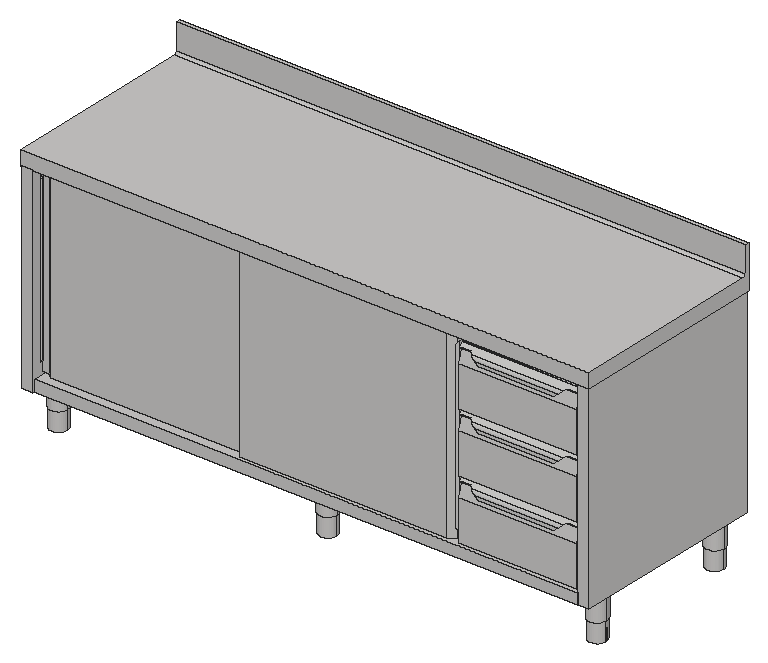
Revit family "QF_ZANUSSI_133171_NTA2010DXP", category Attrezzature speciali, Revit 2020
Family settings
  Quota connettore circolare = Usa diametro
  Tipo di parte = Normale
  Basato su piano di lavoro = No
  Sempre verticale = Sì
  Taglio con vuoti quando caricato = No
  Condiviso = No
  Punto di calcolo locali = No
Parameters (values of type "Standard")
  Weight = 80.00 kg
  Watts = 0 W
  Volts = 0 V
  URL Manufacturer = "http://www.zanussiprofessional.com"
  URL = "http://www.zanussiprofessional.com"
  Steam Supply Size = 0 mm
  Steam Supply Minimum Pressure = 0.0 Pa
  Steam Supply Maximum Pressure = 0.0 Pa
  Steam Consumption per Hour = 0
  Refrigeration Suction Line Size = 0.0 mm
  Refrigeration Liquid Line Size = 0.0 mm
  Refrigerant Compressor Remote = yes
  Prospetto di default = 0.0 mm
  Phase = 0
  Modello = "NTA2010DXP"
  Produttore = "Zanussi"
  Length Actual = 2000.0 mm  # constant formula
  Item Number = "133171"
  Hot Water Size = 0 mm
  Height Actual = 1000.0 mm  # constant formula
  HP = "0 HP"
  Gas Size = 0 mm
  Gas KW = 0
  Gas Input Pressure = 0 W
  Direct Waste Size = 0 mm
  Descrizione = "TABLE+SPLBACK3R/H DRAW 2SLID.DOORS2000MM"
  Depth Actual = 700.0 mm  # constant formula
  Cycle = 0 Hz
  Condensate Return Size = 0 mm
  Compressed Air Volume = 0.0 L/s
  Compressed Air Size = 0 mm
  Compressed Air Pressure = 0.0 Pa
  Cold Water Size = 0 mm
  Accessory = yes
Reference planes
  plane 1 "Center (Front/Back)": y = 0
  plane 2: z = 0
  plane 3 "Center Slide Doors": x = -209
  plane 4 "LEFT": x = -1000
  plane 5 "RIGHT": x = 1000
  plane 6 "BACK": y = 350
  plane 7 "FRONT": y = -350
  plane 8 "TOP": z = 900
  plane 9: x = -954
  plane 10: x = 954
  plane 11: y = 270
  plane 12: y = -247
  plane 13 "FEET": z = 150
  plane 14: x = -956.5
  plane 15: y = -344.5
  plane 16: x = 538.5
  plane 17: x = -233.5
  plane 18: x = -184.5
  plane 19 "BaseTop": z = 850
  plane 20: x = -994.5
  plane 21: y = 344.5
  plane 22: z = 1000
  plane 23: x = 536
  plane 24: x = 956.5
  plane 25 "FeetLeft": x = -947
  plane 26: x = 947
  plane 27 "Center (Left/Right)": x = 0
  plane 28: x = 994.5
Forms (mm)
  Extrusion 1, solid, material "QF_Finishes_Stainless Steel"
    sketch origin (0, 0, 150) x (-1, 0, 0) y (0, -1, 0)
      loop
        line (994.5, -350) -> (994.5, 350) -> (956.5, 350) -> (956.5, -350) -> (994.5, -350)
      loop
        line (-956.4, -350) -> (-956.4, 344.5) -> (-994.5, 344.5) -> (-994.5, -350) -> (-956.4, -350)
    from 0 to 700
  Extrusion 2, solid, material "QF_Finishes_Stainless Steel"
    sketch origin (0, 0, 150) x (-1, 0, 0) y (0, -1, 0)
      loop
        line (956.5, -347) -> (956.5, 344.5) -> (-956.5, 344.5) -> (-956.5, -347) -> (956.5, -347)
    from 0 to 40
  Extrusion 3, solid, material "QF_Finishes_Stainless Steel"
    sketch origin (33, 0, 150) x (-1, 0, 0) y (0, -1, 0)
      loop
        line (217.5, 324.5) -> (217.5, 304.5) -> (987, 304.5) -> (987, 319.071) -> (977.942, 328.129) -> (976.312, 326.5) -> (985, 317.812) -> (985, 309.5) -> (966.034, 309.5) -> (946.034, 324.5) -> (217.5, 324.5)
    from 700 to 50
  Extrusion 4, void
    sketch origin (0, -350, 0) x (-1, 0, 0) y (0, 0, 1)
      loop
        line (942.418, 247.973) -> (942.418, 191.4) -> (956.5, 191.4) -> (956.5, 229.369) -> (942.418, 247.973)
      loop
        line (942.418, 816.627) -> (956.5, 835.231) -> (956.5, 850) -> (942.418, 850) -> (942.418, 816.627)
    from 20.5 to 40.5
  Extrusion 5, solid, material "QF_Finishes_Stainless Steel"
    sketch origin (0, 0, 150) x (-1, 0, 0) y (0, -1, 0)
      loop
        line (-956.5, -350) -> (956.5, -350) -> (956.5, -327) -> (-956.5, -327) -> (-956.5, -350)
    from 700 to 40
  Extrusion 6, solid, material "QF_Finishes_Stainless Steel"
    sketch origin (-209, 0, 0) x (0, 1, 0) y (0, 0, 1)
      loop
        line (-350, 900) -> (-350, 850) -> (350, 850) -> (350, 1000) -> (337, 1000) -> (337, 910)
        arc (337, 910) -> (334.071, 902.929) -> (327, 900) r 10
        line (327, 900) -> (-350, 900)
    from 1209 to -791
  Extrusion 7, solid, material "QF_Finishes_Stainless Steel"
    sketch origin (-847, -20, 150) x (1, 0, 0) y (0, 1, 0)
      loop
        line (613.5, -324.5) -> (1344.034, -324.5) -> (1364.034, -309.5) -> (1381, -309.5) -> (1381, -317.812) -> (1374.312, -324.5) -> (1375.942, -326.129) -> (1383, -319.071) -> (1383, -304.5) -> (613.5, -304.5) -> (613.5, -324.5)
    from 700 to 50
  Extrusion 8, void
    sketch origin (-814, -350, 0) x (1, 0, 0) y (0, 0, -1)
      loop
        line (1340.418, -247.973) -> (1352.5, -229.369) -> (1352.5, -191.4) -> (1340.418, -191.4) -> (1340.418, -247.973)
      loop
        line (1340.418, -816.627) -> (1340.418, -850) -> (1352.5, -850) -> (1352.5, -835.231) -> (1340.418, -816.627)
    from 2.49 to 20.5
  Extrusion 9, solid, material "QF_Finishes_Stainless Steel"
    sketch origin (0, 0, 850) x (-1, 0, 0) y (0, -1, 0)
      loop
        line (-956.5, 304.5) -> (-956.5, 299.5) -> (-954, 299.5) -> (-954, 304.5) -> (-956.5, 304.5)
    from 0 to -2
Cuts and joins
  Extrusion 4, Extrusion 8 cuts Extrusion 3
  Extrusion 8 cuts Extrusion 1
  Extrusion 8 cuts Extrusion 6
  Extrusion 8 cuts Extrusion 7
Lines and regions (mm)
  symbolic lines, style "SpecialityEquipment"
    curve 1: line (-1000, 350, 850) -> (1000, 350, 850)
    curve 2: line (-1000, -350, 850) -> (-1000, 350, 850)
    curve 3: line (1000, -350, 850) -> (-1000, -350, 850)
    curve 4: line (1000, 350, 850) -> (1000, -350, 850)
    curve 17: line (-1000, 337, 850) -> (1000, 337, 850)
  symbolic lines, style "SpecialityEquipmentHiddenLines"
    curve 5: line (-233.5, -324.5, 200) -> (-233.5, -344.5, 200)
    curve 6: line (-954, -304.5, 850) -> (-184.5, -304.5, 850)
    curve 7: line (-184.5, -304.5, 850) -> (-184.5, -324.5, 850)
    curve 8: line (-184.5, -324.5, 850) -> (-913.034, -324.5, 850)
    curve 9: line (-913.034, -324.5, 850) -> (-933.034, -309.5, 850)
    curve 10: line (-933.034, -309.5, 850) -> (-954, -309.5, 850)
    curve 11: line (-954, -309.5, 850) -> (-954, -304.5, 850)
    curve 12: line (-233.5, -344.5, 850) -> (497.034, -344.5, 850)
    curve 13: line (497.034, -344.5, 850) -> (517.034, -329.5, 850)
    curve 14: line (517.034, -329.5, 850) -> (536, -329.5, 850)
    curve 15: line (536, -329.5, 850) -> (536, -324.5, 850)
    curve 16: line (536, -324.5, 850) -> (-184.5, -324.5, 850)
Dimensions and locks
  plane 6 "BACK" to plane 7 "FRONT" = 700.0 mm
  equal spacing: plane 6 "BACK", plane 1 "Center (Front/Back)", plane 7 "FRONT"
  locked: plane 13 "FEET" to level at 150
  locked: plane 6 "BACK" to plane 11 at 80
  locked: plane 12 to plane 7 "FRONT" at 103
  plane 17 to plane 18 = 49.0 mm
  equal spacing: plane 17, plane 3 "Center Slide Doors", plane 18
  locked: plane 4 "LEFT" to plane 20 at 5.5
  locked: plane 20 to plane 14 at 38
  plane 15 to plane 7 "FRONT" = 5.5 mm  (x2)
  plane 6 "BACK" to plane 21 = 5.5 mm
  locked: plane 23 to plane 16 at 2.5
  equal spacing: plane 9, plane 3 "Center Slide Doors", plane 23
  locked: plane 9 to plane 23 at 1490
  locked: plane 4 "LEFT" to plane 5 "RIGHT" at 2000
  locked: plane 25 "FeetLeft" to plane 20 at 47.5
  plane 8 "TOP" to level = 900.0 mm
  locked: plane 22 to level at 1000
  plane 22 to plane 8 "TOP" = 100.0 mm
  locked: plane 28 to plane 5 "RIGHT" at 5.5
  locked: plane 24 to plane 28 at 38
  locked: plane 10 to plane 24 at 2.5
  locked: plane 28 to plane 26 at 47.5
  equal spacing: plane 4 "LEFT", plane 27 "Center (Left/Right)", plane 5 "RIGHT"
  locked: plane 14 to plane 9 at 2.5
  aligned and locked: level to plane 2
  aligned and locked: nested 4 to plane 11
  aligned and locked: nested 3 to plane 11
  aligned and locked: plane 6 "BACK" to Extrusion 1 sketch curve
  aligned and locked: Extrusion 1 sketch curve to plane 6 "BACK"
  aligned and locked: Extrusion 1 sketch curve to plane 7 "FRONT"
  aligned and locked: plane 14 to Extrusion 1
  aligned and locked: Extrusion 2 to plane 14
  aligned and locked: Extrusion 2 to plane 15
  aligned and locked: nested 1 to plane 12
  aligned and locked: nested 2 to plane 12
  aligned and locked: plane 18 to Extrusion 3
  aligned and locked: nested 4 to nested 2
  aligned and locked: Extrusion 5 to plane 14
  aligned and locked: plane 19 "BaseTop" to Extrusion 3
  aligned and locked: plane 19 "BaseTop" to Extrusion 5
  aligned and locked: Extrusion 6 to plane 4 "LEFT"
  aligned and locked: plane 5 "RIGHT" to Extrusion 6
  aligned and locked: plane 24 to Extrusion 2 sketch curve
  aligned and locked: plane 25 "FeetLeft" to nested 1
  aligned and locked: nested 3 to nested 1
  aligned and locked: plane 26 to nested 2
  aligned and locked: nested 5 to plane 27 "Center (Left/Right)"
  aligned and locked: nested 6 to nested 5
  aligned and locked: Extrusion 5 to plane 24
  aligned and locked: plane 28 to cut or joined group of Extrusion 1, Extrusion 8
Automatic sketch dimensions
  Extrusion 1 sketch curve to plane 15 = 0.0 mm
  Extrusion 1 sketch curve to plane 14 = 0.0 mm
  Extrusion 1 sketch curve to plane 20 = 0.0 mm
  plane 24 to Extrusion 1 sketch curve = 0.1 mm
  Extrusion 2 sketch curve to plane 14 = 0.0 mm
  Extrusion 2 sketch curve to plane 15 = 0.0 mm
  plane 21 to Extrusion 2 sketch curve = 2.5 mm
  Extrusion 3 sketch curve to plane 18 = 0.0 mm
  Extrusion 3 sketch curve to plane 9 = 0.0 mm
  plane 25 "FeetLeft" to Extrusion 3 sketch curve = 33.966 mm
  plane 25 "FeetLeft" to Extrusion 3 sketch curve = 13.966 mm
  plane 25 "FeetLeft" to Extrusion 3 sketch curve = 3.688 mm
  plane 25 "FeetLeft" to Extrusion 3 sketch curve = 2.058 mm
  plane 9 to Extrusion 3 sketch curve = 2.0 mm
  plane 15 to Extrusion 3 sketch curve = 40.0 mm
  Extrusion 3 sketch curve to Extrusion 3 sketch curve = 5.0 mm
  Extrusion 3 sketch curve to Extrusion 3 sketch curve = 8.312 mm
  Extrusion 3 sketch curve to Extrusion 3 sketch curve = 1.259 mm
  plane 15 to Extrusion 3 sketch curve = 20.0 mm
  Extrusion 4 sketch curve to plane 19 "BaseTop" = 0.0 mm
  Extrusion 4 sketch curve to plane 14 = 0.0 mm  (x2)
  plane 25 "FeetLeft" to Extrusion 4 sketch curve = 4.582 mm  (x2)
  Extrusion 4 sketch curve to Extrusion 4 sketch curve = 14.769 mm
  Extrusion 4 sketch curve to Extrusion 4 sketch curve = 18.604 mm  (x2)
  plane 13 "FEET" to Extrusion 4 sketch curve = 97.973 mm
  Extrusion 4 sketch curve to Extrusion 4 sketch curve = 37.969 mm
  curve 5 to plane 15 = 0.0 mm
  curve 5 to plane 17 = 0.0 mm
  plane 15 to curve 5 = 20.0 mm
  Extrusion 5 sketch curve to plane 6 "BACK" = 0.0 mm
  Extrusion 5 sketch curve to plane 24 = 0.0 mm
  Extrusion 5 sketch curve to plane 14 = 0.0 mm
  plane 21 to Extrusion 5 sketch curve = 17.5 mm
  curve 17 to plane 5 "RIGHT" = 0.0 mm
  curve 16 to plane 23 = 0.0 mm
  curve 13 to plane 15 = 0.0 mm
  curve 7 to plane 18 = 0.0 mm
  curve 12 to plane 17 = 0.0 mm
  curve 11 to plane 9 = 0.0 mm
  curve 3 to plane 4 "LEFT" = 0.0 mm
  curve 1 to plane 6 "BACK" = 0.0 mm
  curve 3 to plane 7 "FRONT" = 0.0 mm
  curve 14 to curve 14 = 18.966 mm
  curve 13 to curve 13 = 20.0 mm
  plane 25 "FeetLeft" to curve 9 = 33.966 mm
  plane 25 "FeetLeft" to curve 9 = 13.966 mm
  plane 15 to curve 7 = 40.0 mm
  curve 6 to curve 10 = 5.0 mm
  plane 15 to curve 8 = 20.0 mm
  curve 15 to curve 15 = 5.0 mm
  curve 17 to plane 21 = 7.5 mm
  Extrusion 6 sketch curve to plane 7 "FRONT" = 0.0 mm
  Extrusion 6 sketch curve to plane 8 "TOP" = 0.0 mm
  Extrusion 6 sketch curve to plane 22 = 0.0 mm
  Extrusion 6 sketch curve to plane 6 "BACK" = 0.0 mm
  Extrusion 6 sketch curve to plane 19 "BaseTop" = 0.0 mm
  Extrusion 6 sketch curve to plane 21 = 17.5 mm
  Extrusion 6 sketch curve to plane 21 = 7.5 mm
  Extrusion 7 sketch curve to plane 17 = 0.0 mm
  Extrusion 7 sketch curve to plane 15 = 0.0 mm  (x2)
  Extrusion 7 sketch curve to plane 23 = 0.0 mm
  plane 23 to Extrusion 7 sketch curve = 38.966 mm
  plane 23 to Extrusion 7 sketch curve = 18.966 mm
  plane 23 to Extrusion 7 sketch curve = 8.688 mm
  plane 15 to Extrusion 7 sketch curve = 1.629 mm
  Extrusion 7 sketch curve to Extrusion 7 sketch curve = 1.629 mm
  plane 23 to Extrusion 7 sketch curve = 2.0 mm
  Extrusion 7 sketch curve to plane 15 = 15.0 mm
  Extrusion 7 sketch curve to Extrusion 7 sketch curve = 5.0 mm
  Extrusion 8 sketch curve to plane 19 "BaseTop" = 0.0 mm
  Extrusion 8 sketch curve to plane 16 = 0.0 mm  (x2)
  plane 23 to Extrusion 8 sketch curve = 9.582 mm  (x2)
  Extrusion 8 sketch curve to Extrusion 8 sketch curve = 14.769 mm
  Extrusion 8 sketch curve to Extrusion 8 sketch curve = 18.604 mm  (x2)
  Extrusion 8 sketch curve to plane 13 "FEET" = 97.973 mm
  Extrusion 8 sketch curve to Extrusion 8 sketch curve = 37.969 mm
  Extrusion 9 sketch curve to plane 24 = 0.0 mm
  Extrusion 9 sketch curve to plane 10 = 0.0 mm
  plane 15 to Extrusion 9 sketch curve = 45.0 mm
  Extrusion 9 sketch curve to Extrusion 9 sketch curve = 5.0 mm
  Extrusion 1 sketch curve to plane 5 "RIGHT" = 5.5 mm
Nested families
  nested 1: "FEET_D60-150" at (-947, -247, 0), type "FEET_D60-150"
  nested 2: "FEET_D60-150" at (947, -247, 0), type "FEET_D60-150"
  nested 3: "FEET_D60-150" at (-947, 270, 0), type "FEET_D60-150"
  nested 4: "FEET_D60-150" at (947, 270, 0), type "FEET_D60-150"
  nested 5: "FEET_D60-150" at (0, -247, 0), type "FEET_D60-150"
  nested 6: "FEET_D60-150" at (0, 270, 0), type "FEET_D60-150"
  nested 7: "H637_600_3DRAWERS" at (710.458, -304.5, 152) x (1, 0, 0) z (0, -1, 0), type "H637_600_3DRAWERS"
    with Show Clearance yes
Definition of nested family "FEET_D60-150"
  Parameters
    Default Elevation = 0.0 mm
    FEET = 150.0 mm
  Reference planes
    plane 1 "Center (Front/Back)": y = 0
    plane 2: z = 0
    plane 3 "Center (Left/Right)": x = 0
    plane 4: z = 150
  Forms (mm)
    Extrusion 1, solid
      sketch origin (0, 0, 0) x (1, 0, 0) y (0, 1, 0)
        loop
          circle (0, 0) r 28
      from 0 to 67
    Revolve 2, solid
      sketch origin (0, 0, 0) x (1, 0, 0) y (0, 0, 1)
        loop
          line (0, 0) -> (0, 150) -> (-32.939, 150) -> (-32.939, 67) -> (-30, 67) -> (-30, 0) -> (0, 0)
        axis (0, 150) -> (0, 0)
      angle from 0 to 360
  Lines and regions (mm)
    symbolic lines
      curve 1: line (0, -1.503, 0) -> (0, 1.508, 0)
      curve 2: line (1.561, 0, 0) -> (-1.439, 0, 0)
  Dimensions and locks
    "FEET": plane 4 to plane 2
    aligned and locked: level to plane 2
  Automatic sketch dimensions
    plane 1 "Center (Front/Back)" to Extrusion 1 sketch curve = 0.0 mm
    Extrusion 1 sketch curve to plane 3 "Center (Left/Right)" = 0.0 mm
    plane 1 "Center (Front/Back)" to curve 2 = 0.0 mm
    curve 1 to plane 3 "Center (Left/Right)" = 0.0 mm
    curve 2 to plane 3 "Center (Left/Right)" = 1.439 mm
    plane 3 "Center (Left/Right)" to curve 2 = 1.561 mm
    plane 1 "Center (Front/Back)" to curve 1 = 1.503 mm
    curve 1 to plane 1 "Center (Front/Back)" = 1.508 mm
    Revolve 2 sketch curve to plane 4 = 0.0 mm
    Revolve 2 sketch curve to level = 0.0 mm
    Revolve 2 sketch curve to plane 3 "Center (Left/Right)" = 0.0 mm  (x2)
    Revolve 2 sketch curve to plane 3 "Center (Left/Right)" = 30.0 mm
    Revolve 2 sketch curve to plane 3 "Center (Left/Right)" = 32.939 mm
    level to Revolve 2 sketch curve = 67.0 mm
    Revolve 2 sketch curve to level = 42.207 mm
    Revolve 2 sketch curve to Revolve 2 sketch curve = 10.0 mm
    radius of Extrusion 1 sketch curve = 28.0 mm
Definition of nested family "H637_600_3DRAWERS"
  Parameters
    Width = 419.0 mm
    Show Clearance [instance] = yes
    Model = "727995"
    Height = 700.0 mm
    Default Elevation = 0.0 mm
  Reference planes
    plane 1 "Center (Front/Back)": y = 0
    plane 2: z = 0
    plane 3 "Center (Left/Right)": x = 36.042
    plane 4 "panel": z = 25
    plane 5 "Left": x = -173.458
    plane 6 "Right": x = 245.542
    plane 7: y = 700
    plane 8: z = 45
    plane 9: x = 243.542
    plane 10: x = -171.458
    plane 11: y = 676
    plane 12: y = 38
    plane 13: z = 499.734
    plane 14: y = 470
    plane 15: y = 465
    plane 16: y = 259
    plane 17: y = 254
    plane 18: y = 48
  Forms (mm)
    Extrusion 1, solid
      sketch origin (0, -919.2, 0) x (1, 0, 0) y (0, 1, 0)
        loop
          line (-980.5, 2119.2) -> (-980.5, -162.846) -> (881.94, -162.846) -> (881.94, 2119.2) -> (-980.5, 2119.2)
      from 0 to -59.546
    Extrusion 2, solid
      sketch origin (36.042, -645.693, 0) x (0, 1, 0) y (0, 0, 1)
        loop
          line (856.63, 49.734) -> (856.63, 47.734) -> (866.98, 47.734)
          arc (866.98, 47.734) -> (873.586, 46.42) -> (879.186, 42.679) r 17.261
          line (879.186, 42.679) -> (896.019, 25.845) -> (899.693, 25) -> (880.6, 44.093)
          arc (880.6, 44.093) -> (874.351, 48.268) -> (866.98, 49.734) r 19.261
          line (866.98, 49.734) -> (856.63, 49.734)
      from -207.5 to 207.5
    Extrusion 3, solid, detail levels coarse
      sketch origin (0, 0, 0) x (1, 0, 0) y (0, 0, 1)
        loop
          line (-171.458, 40) -> (243.542, 40) -> (243.542, 499.734) -> (-171.458, 499.734) -> (-171.458, 40)
      from -48 to -254
    Extrusion 4, solid
      sketch origin (36.042, -616, 0) x (0, 1, 0) y (0, 0, 1)
        loop
          line (664.4, 40) -> (664.4, 0) -> (870, 0) -> (870, 25) -> (804.797, 40) -> (664.4, 40)
      from 207.5 to -207.5
    Extrusion 5, void
      sketch origin (0, 0, 0) x (1, 0, 0) y (0, 1, 0)
        loop
          line (-99.744, 213.799) -> (-133.705, 243.322) -> (-166.458, 243.322)
          arc (-166.458, 243.322) -> (-169.994, 244.786) -> (-171.458, 248.322) r 5
          line (-171.458, 248.322) -> (-171.458, 210.937) -> (-91.403, 210.937)
          arc (-91.403, 210.937) -> (-95.762, 211.819) -> (-99.744, 213.799) r 17.035
      from 36.678 to 53.74
    Extrusion 6, void
      sketch origin (72.084, 0, 0) x (-1, 0, 0) y (0, -1, 0)
        loop
          arc (-99.744, -213.799) -> (-95.762, -211.819) -> (-91.403, -210.937) r 17.035
          line (-91.403, -210.937) -> (-171.458, -210.937) -> (-171.458, -248.322)
          arc (-171.458, -248.322) -> (-169.994, -244.786) -> (-166.458, -243.322) r 5
          line (-166.458, -243.322) -> (-133.705, -243.322) -> (-99.744, -213.799)
      from 36.678 to 53.74
    Extrusion 7, solid
      sketch origin (36.042, -434.693, 0) x (0, 1, 0) y (0, 0, 1)
        loop
          line (856.63, 49.734) -> (856.63, 47.734) -> (866.98, 47.734)
          arc (866.98, 47.734) -> (873.586, 46.42) -> (879.186, 42.679) r 17.261
          line (879.186, 42.679) -> (896.019, 25.845) -> (899.693, 25) -> (880.6, 44.093)
          arc (880.6, 44.093) -> (874.351, 48.268) -> (866.98, 49.734) r 19.261
          line (866.98, 49.734) -> (856.63, 49.734)
      from -207.5 to 207.5
    Extrusion 8, solid
      sketch origin (36.042, -405, 0) x (0, 1, 0) y (0, 0, 1)
        loop
          line (664, 40) -> (664, 0) -> (870, 0) -> (870, 25) -> (804.797, 40) -> (664, 40)
      from 207.5 to -207.5
    Extrusion 9, void
      sketch origin (0, 211, 0) x (1, 0, 0) y (0, 1, 0)
        loop
          line (-99.744, 213.799) -> (-133.705, 243.322) -> (-166.458, 243.322)
          arc (-166.458, 243.322) -> (-169.994, 244.786) -> (-171.458, 248.322) r 5
          line (-171.458, 248.322) -> (-171.458, 210.937) -> (-91.403, 210.937)
          arc (-91.403, 210.937) -> (-95.762, 211.819) -> (-99.744, 213.799) r 17.035
      from 36.678 to 53.74
    Extrusion 10, void
      sketch origin (72.084, 211, 0) x (-1, 0, 0) y (0, -1, 0)
        loop
          arc (-99.744, -213.799) -> (-95.762, -211.819) -> (-91.403, -210.937) r 17.035
          line (-91.403, -210.937) -> (-171.458, -210.937) -> (-171.458, -248.322)
          arc (-171.458, -248.322) -> (-169.994, -244.786) -> (-166.458, -243.322) r 5
          line (-166.458, -243.322) -> (-133.705, -243.322) -> (-99.744, -213.799)
      from 36.678 to 53.74
    Extrusion 11, solid
      sketch origin (36.042, -223.693, 0) x (0, 1, 0) y (0, 0, 1)
        loop
          line (856.63, 49.734) -> (856.63, 47.734) -> (866.98, 47.734)
          arc (866.98, 47.734) -> (873.586, 46.42) -> (879.186, 42.679) r 17.261
          line (879.186, 42.679) -> (896.019, 25.845) -> (899.693, 25) -> (880.6, 44.093)
          arc (880.6, 44.093) -> (874.351, 48.268) -> (866.98, 49.734) r 19.261
          line (866.98, 49.734) -> (856.63, 49.734)
      from -207.5 to 207.5
    Extrusion 12, solid
      sketch origin (36.042, -194, 0) x (0, 1, 0) y (0, 0, 1)
        loop
          line (664, 40) -> (664, 0) -> (870, 0) -> (870, 25) -> (804.797, 40) -> (664, 40)
      from 207.5 to -207.5
    Extrusion 13, void
      sketch origin (0, 422, 0) x (1, 0, 0) y (0, 1, 0)
        loop
          line (-99.744, 213.799) -> (-133.705, 243.322) -> (-166.458, 243.322)
          arc (-166.458, 243.322) -> (-169.994, 244.786) -> (-171.458, 248.322) r 5
          line (-171.458, 248.322) -> (-171.458, 210.937) -> (-91.403, 210.937)
          arc (-91.403, 210.937) -> (-95.762, 211.819) -> (-99.744, 213.799) r 17.035
      from 36.678 to 53.74
    Extrusion 14, void
      sketch origin (72.084, 422, 0) x (-1, 0, 0) y (0, -1, 0)
        loop
          arc (-99.744, -213.799) -> (-95.762, -211.819) -> (-91.403, -210.937) r 17.035
          line (-91.403, -210.937) -> (-171.458, -210.937) -> (-171.458, -248.322)
          arc (-171.458, -248.322) -> (-169.994, -244.786) -> (-166.458, -243.322) r 5
          line (-166.458, -243.322) -> (-133.705, -243.322) -> (-99.744, -213.799)
      from 36.678 to 53.74
    Extrusion 15, solid, detail levels coarse
      sketch origin (0, 0, 0) x (1, 0, 0) y (0, 0, 1)
        loop
          line (-171.458, 40) -> (243.542, 40) -> (243.542, 499.734) -> (-171.458, 499.734) -> (-171.458, 40)
      from -259 to -465
    Extrusion 16, solid, detail levels coarse
      sketch origin (0, 0, 0) x (1, 0, 0) y (0, 0, 1)
        loop
          line (-171.458, 40) -> (243.542, 40) -> (243.542, 499.734) -> (-171.458, 499.734) -> (-171.458, 40)
      from -470 to -676
  Cuts and joins
    Extrusion 5, Extrusion 6, Extrusion 9, Extrusion 10 cuts Extrusion 2
    Extrusion 5 cuts Extrusion 4
    Extrusion 9, Extrusion 10, Extrusion 13, Extrusion 14 cuts Extrusion 7
    Extrusion 13, Extrusion 14 cuts Extrusion 11
  Lines and regions (mm)
    symbolic lines
      curve 1: line (243.542, 0, 179.734) -> (243.542, 0, 199.734)
      curve 2: line (212.235, 0, 49.734) -> (-171.458, 0, 49.734)
      curve 3: spline (231.959, 0, 44.389) -> (230.421, 0, 45.265) -> (228.856, 0, 46.066) -> (227.265, 0, 46.791) -> (225.651, 0, 47.437) -> (224.017, 0, 48.005) -> (222.365, 0, 48.493) -> (220.698, 0, 48.9) -> (219.019, 0, 49.226) -> (217.331, 0, 49.471) -> (215.636, 0, 49.633) -> (213.936, 0, 49.712) -> (212.236, 0, 49.71)
      curve 4: line (238.456, 0, 40) -> (231.959, 0, 44.389)
      curve 5: line (243.542, 0, 500) -> (-171.458, 0, 500)
      curve 6: line (243.542, 0, 349.734) -> (-171.458, 0, 349.734)
      curve 7: line (243.542, 0, 199.734) -> (-171.458, 0, 199.734)
      curve 8: line (243.542, 0, 480) -> (-171.458, 0, 480)
      curve 9: line (243.542, 0, 329.734) -> (-171.458, 0, 329.734)
      curve 10: line (243.542, 0, 179.734) -> (-171.458, 0, 179.734)
      curve 11: line (-156.458, 0, 49.734) -> (-156.458, 0, 179.734)
      curve 12: line (-156.458, 0, 349.734) -> (-156.458, 0, 480)
      curve 13: line (-156.458, 0, 199.734) -> (-156.458, 0, 329.734)
      curve 14: line (228.542, 0, 49.734) -> (228.542, 0, 179.734)
      curve 15: line (228.542, 0, 349.734) -> (228.542, 0, 480)
      curve 16: line (228.542, 0, 199.734) -> (228.542, 0, 329.734)
      curve 17: line (243.542, 0, 480) -> (243.542, 0, 500)
      curve 18: line (243.542, 0, 329.734) -> (243.542, 0, 349.734)
      curve 19: line (-171.458, 0, 179.734) -> (-171.458, 0, 199.734)
      curve 20: line (-171.458, 0, 480) -> (-171.458, 0, 500)
      curve 21: line (-171.458, 0, 329.734) -> (-171.458, 0, 349.734)
  Dimensions and locks
    plane 4 "panel" to level = 25.0 mm
    "Width": plane 5 "Left" to plane 6 "Right"
    equal spacing: plane 5 "Left", plane 3 "Center (Left/Right)", plane 6 "Right"
    "Height": plane 1 "Center (Front/Back)" to plane 7
    plane 9 to plane 6 "Right" = 2.0 mm
    plane 5 "Left" to plane 10 = 2.0 mm
    plane 7 to plane 11 = 24.0 mm
    plane 1 "Center (Front/Back)" to plane 12 = 38.0 mm
    plane 10 to plane 9 = 415.0 mm
    plane 11 to plane 14 = 206.0 mm
    locked: plane 14 to plane 15 at 5
    plane 15 to plane 16 = 206.0 mm
    locked: plane 16 to plane 17 at 5
    plane 17 to plane 18 = 206.0 mm  (x2)
    plane 16 to plane 17 = 5.0 mm
    plane 14 to plane 15 = 5.0 mm
    plane 16 to plane 15 = 206.0 mm
    plane 14 to plane 11 = 206.0 mm
    aligned and locked: plane 2 to Extrusion 1
    aligned and locked: level to Extrusion 1
    aligned and locked: plane 9 to Extrusion 4
    aligned and locked: plane 10 to Extrusion 4
  Automatic sketch dimensions
    Extrusion 1 sketch curve to Extrusion 1 sketch curve = 1862.44 mm
    Extrusion 1 sketch curve to Extrusion 1 sketch curve = 2282.046 mm
    Extrusion 2 sketch curve to Extrusion 2 sketch curve = 0.0 mm  (x2)
    Extrusion 2 sketch curve to plane 4 "panel" = 0.0 mm
    Extrusion 2 sketch curve to plane 17 = 0.0 mm
    plane 4 "panel" to Extrusion 2 sketch curve = 0.845 mm
    Extrusion 2 sketch curve to plane 17 = 3.674 mm
    Extrusion 2 sketch curve to plane 8 = 0.907 mm
    Extrusion 2 sketch curve to plane 17 = 19.093 mm
    Extrusion 2 sketch curve to plane 8 = 2.321 mm
    Extrusion 2 sketch curve to Extrusion 2 sketch curve = 1.414 mm
    plane 4 "panel" to Extrusion 2 sketch curve = 5.474 mm
    Extrusion 2 sketch curve to Extrusion 2 sketch curve = 12.205 mm
    Extrusion 2 sketch curve to Extrusion 2 sketch curve = 10.351 mm
    Extrusion 4 sketch curve to level = 0.0 mm
    Extrusion 4 sketch curve to plane 4 "panel" = 0.0 mm
    Extrusion 4 sketch curve to plane 17 = 0.0 mm
    Extrusion 4 sketch curve to plane 8 = 5.0 mm
    Extrusion 4 sketch curve to plane 17 = 65.203 mm
    plane 18 to Extrusion 4 sketch curve = 0.4 mm
    Extrusion 7 sketch curve to Extrusion 7 sketch curve = 0.0 mm  (x2)
    Extrusion 7 sketch curve to plane 4 "panel" = 0.0 mm
    Extrusion 7 sketch curve to plane 15 = 0.0 mm
    plane 4 "panel" to Extrusion 7 sketch curve = 0.845 mm
    Extrusion 7 sketch curve to plane 15 = 3.674 mm
    Extrusion 7 sketch curve to plane 8 = 0.907 mm
    Extrusion 7 sketch curve to plane 15 = 19.093 mm
    Extrusion 7 sketch curve to plane 8 = 2.321 mm
    Extrusion 7 sketch curve to Extrusion 7 sketch curve = 1.414 mm
    plane 4 "panel" to Extrusion 7 sketch curve = 5.474 mm
    Extrusion 7 sketch curve to Extrusion 7 sketch curve = 12.205 mm
    Extrusion 7 sketch curve to Extrusion 7 sketch curve = 10.351 mm
    Extrusion 8 sketch curve to plane 16 = 0.0 mm
    Extrusion 8 sketch curve to plane 4 "panel" = 0.0 mm
    Extrusion 8 sketch curve to plane 15 = 0.0 mm
    Extrusion 8 sketch curve to level = 0.0 mm
    Extrusion 8 sketch curve to plane 8 = 5.0 mm
    Extrusion 8 sketch curve to plane 15 = 65.203 mm
    Extrusion 11 sketch curve to Extrusion 11 sketch curve = 0.0 mm  (x2)
    Extrusion 11 sketch curve to plane 4 "panel" = 0.0 mm
    Extrusion 11 sketch curve to plane 11 = 0.0 mm
    plane 4 "panel" to Extrusion 11 sketch curve = 0.845 mm
    Extrusion 11 sketch curve to plane 11 = 3.674 mm
    Extrusion 11 sketch curve to plane 8 = 0.907 mm
    Extrusion 11 sketch curve to plane 11 = 19.093 mm
    Extrusion 11 sketch curve to plane 8 = 2.321 mm
    Extrusion 11 sketch curve to Extrusion 11 sketch curve = 1.414 mm
    plane 4 "panel" to Extrusion 11 sketch curve = 5.474 mm
    Extrusion 11 sketch curve to Extrusion 11 sketch curve = 12.205 mm
    Extrusion 11 sketch curve to Extrusion 11 sketch curve = 10.351 mm
    Extrusion 12 sketch curve to plane 14 = 0.0 mm
    Extrusion 12 sketch curve to plane 4 "panel" = 0.0 mm
    Extrusion 12 sketch curve to plane 11 = 0.0 mm
    Extrusion 12 sketch curve to level = 0.0 mm
    Extrusion 12 sketch curve to plane 8 = 5.0 mm
    Extrusion 12 sketch curve to plane 11 = 65.203 mm
    plane 10 to curve 21 = 0.0 mm
    plane 10 to curve 20 = 0.0 mm
    plane 10 to curve 2 = 0.0 mm
    plane 10 to curve 19 = 0.0 mm
    curve 6 to plane 9 = 0.0 mm
    curve 7 to plane 9 = 0.0 mm
    curve 17 to plane 9 = 0.0 mm
    curve 4 to plane 8 = 0.611 mm
    curve 4 to plane 9 = 11.583 mm
    plane 8 to curve 19 = 134.734 mm
    curve 19 to curve 19 = 20.0 mm
    curve 1 to curve 18 = 130.0 mm
    curve 9 to curve 18 = 20.0 mm
    plane 13 to curve 17 = 19.734 mm
    curve 20 to plane 13 = 0.266 mm
    plane 8 to curve 11 = 4.734 mm
    curve 11 to plane 10 = 15.0 mm
    curve 21 to curve 12 = 15.0 mm
    curve 19 to curve 13 = 15.0 mm
    curve 2 to curve 3 = 19.723 mm
    curve 2 to curve 3 = 0.0 mm
    curve 3 to level = 1.281 mm
    curve 3 to plane 6 "Right" = 32.398 mm
    curve 15 to curve 6 = 15.0 mm
    curve 14 to curve 1 = 15.0 mm
    curve 16 to curve 1 = 15.0 mm
    curve 4 to plane 9 = 5.086 mm
    curve 4 to plane 8 = 5.0 mm
    curve 3 to curve 2 = 0.025 mm
    plane 8 to curve 14 = 4.734 mm
    plane 10 to Extrusion 3 sketch curve = 0.0 mm
    Extrusion 3 sketch curve to plane 9 = 0.0 mm
    Extrusion 3 sketch curve to plane 13 = 0.0 mm
    Extrusion 3 sketch curve to plane 8 = 5.0 mm
    Extrusion 5 sketch curve to plane 10 = 0.0 mm
    Extrusion 5 sketch curve to plane 10 = 5.0 mm
    Extrusion 5 sketch curve to plane 17 = 10.678 mm
    Extrusion 5 sketch curve to Extrusion 5 sketch curve = 32.753 mm
    Extrusion 5 sketch curve to Extrusion 5 sketch curve = 33.961 mm
    Extrusion 5 sketch curve to Extrusion 5 sketch curve = 8.34 mm
    Extrusion 5 sketch curve to Extrusion 5 sketch curve = 9.511 mm
    Extrusion 5 sketch curve to plane 17 = 26.068 mm
    Extrusion 5 sketch curve to Extrusion 5 sketch curve = 14.132 mm
    Extrusion 6 sketch curve to plane 9 = 0.0 mm
    plane 9 to Extrusion 6 sketch curve = 5.0 mm
    plane 17 to Extrusion 6 sketch curve = 10.678 mm
    Extrusion 6 sketch curve to Extrusion 6 sketch curve = 32.753 mm
    Extrusion 6 sketch curve to Extrusion 6 sketch curve = 33.961 mm
    Extrusion 6 sketch curve to Extrusion 6 sketch curve = 8.34 mm
    Extrusion 6 sketch curve to Extrusion 6 sketch curve = 1.171 mm
    plane 17 to Extrusion 6 sketch curve = 26.068 mm
    Extrusion 6 sketch curve to Extrusion 6 sketch curve = 14.132 mm
    Extrusion 9 sketch curve to plane 10 = 0.0 mm
    Extrusion 9 sketch curve to plane 10 = 5.0 mm
    Extrusion 9 sketch curve to plane 15 = 10.678 mm
    Extrusion 9 sketch curve to Extrusion 9 sketch curve = 32.753 mm
    Extrusion 9 sketch curve to Extrusion 9 sketch curve = 33.961 mm
    Extrusion 9 sketch curve to Extrusion 9 sketch curve = 8.34 mm
    Extrusion 9 sketch curve to Extrusion 9 sketch curve = 9.511 mm
    Extrusion 9 sketch curve to plane 15 = 26.068 mm
    Extrusion 9 sketch curve to Extrusion 9 sketch curve = 14.132 mm
    Extrusion 10 sketch curve to plane 9 = 0.0 mm
    plane 9 to Extrusion 10 sketch curve = 5.0 mm
    plane 15 to Extrusion 10 sketch curve = 10.678 mm
    Extrusion 10 sketch curve to Extrusion 10 sketch curve = 32.753 mm
    Extrusion 10 sketch curve to Extrusion 10 sketch curve = 33.961 mm
    Extrusion 10 sketch curve to Extrusion 10 sketch curve = 8.34 mm
    Extrusion 10 sketch curve to Extrusion 10 sketch curve = 1.171 mm
    plane 15 to Extrusion 10 sketch curve = 26.068 mm
    Extrusion 10 sketch curve to Extrusion 10 sketch curve = 14.132 mm
    Extrusion 13 sketch curve to plane 10 = 0.0 mm
    Extrusion 13 sketch curve to plane 10 = 5.0 mm
    Extrusion 13 sketch curve to plane 11 = 10.678 mm
    Extrusion 13 sketch curve to Extrusion 13 sketch curve = 32.753 mm
    Extrusion 13 sketch curve to Extrusion 13 sketch curve = 33.961 mm
    Extrusion 13 sketch curve to Extrusion 13 sketch curve = 8.34 mm
    Extrusion 13 sketch curve to Extrusion 13 sketch curve = 9.511 mm
    Extrusion 13 sketch curve to plane 11 = 26.068 mm
    Extrusion 13 sketch curve to Extrusion 13 sketch curve = 14.132 mm
    Extrusion 14 sketch curve to plane 9 = 0.0 mm
    plane 9 to Extrusion 14 sketch curve = 5.0 mm
    plane 11 to Extrusion 14 sketch curve = 10.678 mm
    Extrusion 14 sketch curve to Extrusion 14 sketch curve = 32.753 mm
    Extrusion 14 sketch curve to Extrusion 14 sketch curve = 33.961 mm
    Extrusion 14 sketch curve to Extrusion 14 sketch curve = 8.34 mm
    Extrusion 14 sketch curve to Extrusion 14 sketch curve = 1.171 mm
    plane 11 to Extrusion 14 sketch curve = 26.068 mm
    Extrusion 14 sketch curve to Extrusion 14 sketch curve = 14.132 mm
    plane 10 to Extrusion 15 sketch curve = 0.0 mm
    Extrusion 15 sketch curve to plane 9 = 0.0 mm
    Extrusion 15 sketch curve to plane 8 = 5.0 mm
    plane 13 to Extrusion 15 sketch curve = 0.0 mm
    plane 10 to Extrusion 16 sketch curve = 0.0 mm
    Extrusion 16 sketch curve to plane 9 = 0.0 mm
    Extrusion 16 sketch curve to plane 8 = 5.0 mm
    plane 8 to Extrusion 16 sketch curve = 454.734 mm
